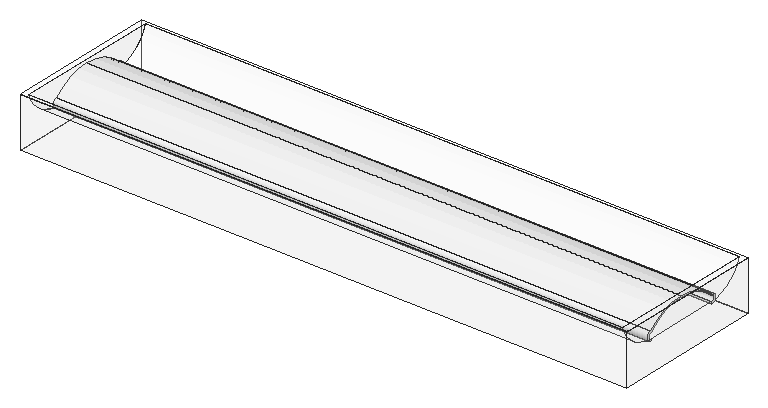
Revit family "LCAT-G", category Lighting Fixtures, host Face, Revit 2021
Family settings
  Host = Face
  Round Connector Dimension = Use Diameter
  Part Type = Normal
  OmniClass Number = 23.80.70.11
  OmniClass Title = Luminaries for Internal Lighting
  Cut with Voids When Loaded = No
  Light Source = No
  Shared = No
  Room Calculation Point = No
Parameters (values of type "LCAT-G-14")
  zz Length = Row Length - 1"  # 47"
  Width = 12"
  Warranty = "Five-year warranty"  # constant formula
  Voltage = 120 V
  Wattage Comments = "40-80 W"  # constant formula
  URL = "https://www.currentlighting.com/columbia"
  Product Page URL = ""
  Product Documentation Link = ""
  Photometric Web = Web LCAT : LCAT14-30MLG-EDU
  Model = "LCAT-G"  # constant formula
  Manufacturer = "Columbia Lighting"  # constant formula
  Row Length = 48"
  Load Classification = Lighting
  Lamp = "LED lamp"  # constant formula
  Light Bulb = White
  Description = "LCAT provides both design and value with an architectural appearance, LED technology to reduce maintenance and a wide range of options for classrooms, offices, retail and health care applications"  # constant formula
  Default Elevation = 48"
  Backbox = White Glass
  Apparent Load = 0 VA
Types (4): name | zz Length | Width | Photometric Web | Row Length | Load Classification | Light Bulb | Backbox
  (no name) | 47" | 12" | Web LCAT : LCAT14-30MLG-EDU | 48" | Lighting | White | White Glass
  LCAT-G-14 | 47" | 12" | Web LCAT : LCAT14-30MLG-EDU | 48" | Lighting | White | White Glass
  LCAT-G-22 | 23" | 23 3/4" | Web LCAT : LCAT22-40VLG-EDU | 24" | Other | White Glass | White
  LCAT-G-24 | 47" | 25" | Web LCAT : LCAT24-40XLG-EDU | 48" | Other | White Glass | White
Reference planes (in)
  plane 1 "Center (Front/Back)": y = 0.03999
  plane 2: z = 0
  plane 3 "Center (Left/Right)": x = 1.66944
  plane 4: x = -22.33056
  plane 5: x = 25.66944
  plane 6: z = -4
  plane 7: y = -5.96001
  plane 8: y = 6.03999
  plane 9: z = 0.125
Forms (in)
  Extrusion 1, void
    sketch origin (0, 0.03999, 0) x (1, 0, 0) y (0, 0, 1)
      loop
        line (-22.33056, 0) -> (-22.33056, -4) -> (25.66944, -4) -> (25.66944, 0) -> (-22.33056, 0)
    from -6 to 6
Dimensions and locks (in)
  equal spacing: plane 5, plane 3 "Center (Left/Right)", plane 4
  "Row Length": plane 5 to plane 4
  equal spacing: plane 7, plane 1 "Center (Front/Back)", plane 8
  "Width": plane 7 to plane 8
  plane 9 to plane 2 = 1/8"
  aligned and locked: plane 2 to host face
  aligned and locked: level to host face
  aligned and locked: Extrusion 1 sketch curve to level
  aligned and locked: plane 4 to Extrusion 1 sketch curve
  aligned and locked: Extrusion 1 sketch curve to plane 5
  aligned and locked: plane 6 to Extrusion 1 sketch curve
  aligned and locked: Extrusion 1 to plane 8
  aligned and locked: plane 3 "Center (Left/Right)" to nested 1
  aligned and locked: plane 1 "Center (Front/Back)" to nested 1
  aligned and locked: Extrusion 1 to plane 7
  aligned and locked: plane 3 "Center (Left/Right)" to nested 2
Automatic sketch dimensions
  host sketch curve to host sketch curve = 96"  (x2)
Nested families (in)
  nested 1: "LED Contemporary Architectural Troffer" at (1.66944, 0.03999, -4), Glass <- "Light Bulb", Finish <- "Backbox", Width <- "Width", Row Length <- "Row Length", type "LED Contemporary Architectural Troffer"
    with Width 12", Row Length 48", Height 4", Glass White, Finish White Glass
  nested 2: "Web LCAT" at (1.70943, 0.27895, 0.12811) x (0, 1, 0) z (0, 0, 1), type <- "Photometric Web", type "LCAT14-30MLG-EDU"
Connectors (in)
  electrical at (1.66944, 0.03999, -4), driven by "Voltage", driven by "Description", driven by "Load Classification"
    settings: on nested 1, index 1, voltage 120 V, apparent load 0 VA, apparent load phase1 0 VA, apparent load phase2 0 VA, apparent load phase3 0 VA, power factor 1, load classification "Lighting", number of poles 1, system type 30, power factor state 1, is connector primary yes, connector utility no, sub classification motor no, connector description "LCAT provides both design and value with an architectural appearance, LED technology to reduce maintenance and a wide range of options for classrooms, offices, retail and health care applications"
Definition of nested family "LED Contemporary Architectural Troffer"
  Parameters
    Width [instance] = 24"
    Row Length [instance] = 24"
    Height [instance] = 4"
    Glass [instance] = none
    Finish [instance] = none
    Default Elevation = 48"
  Reference planes (in)
    plane 1 "Center (Front/Back)": y = 0
    plane 2: z = 0
    plane 3 "Center (Left/Right)": x = 0
    plane 4: x = 12
    plane 5: x = -12
    plane 6: y = -12
    plane 7: y = 12
    plane 8: z = 4
    plane 9: x = -11.5
    plane 10: x = 11.5
    plane 11: y = -3
    plane 12: y = 3
    plane 13: z = 2
    plane 14: y = -11.75
    plane 15: y = 11.75
    plane 16: z = 0.25
  Forms (in)
    Extrusion 1, solid
      sketch origin (0, 0, 0) x (1, 0, 0) y (0, 1, 0)
        loop
          line (-48, 48) -> (-48, -48) -> (48, -48) -> (48, 48) -> (-48, 48)
      from 0 to -12
    Extrusion 2, solid, material <- "Glass"
      sketch origin (0, 0, 0) x (0, 1, 0) y (0, 0, 1)
        loop
          arc (-3.0054, 2) -> (-3.2554, 2.25) -> (-3.0054, 2.5) r 0.25
          arc (-3.0054, 2.5) -> (-1.62233, 3.40315) -> (0, 3.71395) r 4.27102
          arc (0, 3.71395) -> (1.62233, 3.40315) -> (3.0054, 2.5) r 4.27102
          arc (3.0054, 2.5) -> (3.2554, 2.25) -> (3.0054, 2) r 0.25
          line (3.0054, 2) -> (3.0054, 1.89823)
          arc (3.0054, 1.89823) -> (3.35619, 2.24902) -> (3.0054, 2.59982) r 0.35079
          arc (3.0054, 2.59982) -> (1.6184, 3.48995) -> (0, 3.80122) r 4.35698
          arc (0, 3.80122) -> (-1.6184, 3.48995) -> (-3.0054, 2.59982) r 4.35698
          arc (-3.0054, 2.59982) -> (-3.35619, 2.24902) -> (-3.0054, 1.89823) r 0.35079
          line (-3.0054, 1.89823) -> (-3.0054, 2)
      from -11.5 to 11.5
    Extrusion 3, solid, material <- "Finish"
      sketch origin (0, 0, 0) x (0, 1, 0) y (0, 0, 1)
        loop
          line (-12, 4) -> (-12, 0) -> (12, 0) -> (12, 4) -> (-12, 4)
      from 11.5 to 12
    Extrusion 4, solid, material <- "Finish"
      sketch origin (0, 0, 0) x (0, 1, 0) y (0, 0, 1)
        loop
          line (12, 4) -> (-12, 4) -> (-12, 0) -> (12, 0) -> (12, 4)
      from -12 to -11.5
    Extrusion 5, solid, material <- "Finish"
      sketch origin (0, 0, 0) x (0, 1, 0) y (0, 0, 1)
        loop
          line (-12, 0) -> (12, 0) -> (12, 4) -> (11.75, 4) -> (11.75, 0.25) -> (-11.75, 0.25) -> (-11.75, 4) -> (-12, 4) -> (-12, 0)
      from -11.5 to 11.5
    Extrusion 6, solid, material <- "Finish"
      sketch origin (0, 0, 0) x (0, 1, 0) y (0, 0, 1)
        loop
          arc (-3, 2) -> (-7.48783, 2.50637) -> (-11.75, 4) r 20.14062
          line (-11.75, 4) -> (-11.75, 0.25) -> (11.75, 0.25) -> (11.75, 4)
          arc (11.75, 4) -> (7.48783, 2.50637) -> (3, 2) r 20.14062
          line (3, 2) -> (-3, 2)
      from -12 to 12
  Cuts and joins
    joined: Extrusion 3, Extrusion 4, Extrusion 5, Extrusion 6
  Dimensions and locks (in)
    equal spacing: plane 4, plane 3 "Center (Left/Right)", plane 5
    "Row Length": plane 4 to plane 5
    equal spacing: plane 6, plane 1 "Center (Front/Back)", plane 7
    "Width": plane 6 to plane 7
    "Height": plane 8 to plane 2
    equal spacing: plane 10, plane 3 "Center (Left/Right)", plane 9
    locked: plane 9 to plane 5 at 0.5
    equal spacing: plane 11, plane 1 "Center (Front/Back)", plane 12
    locked: plane 11 to plane 1 "Center (Front/Back)" at 3
    locked: plane 6 to plane 14 at 0.25
    equal spacing: plane 14, plane 1 "Center (Front/Back)", plane 15
    locked: plane 16 to level at 0.25
    level to Extrusion 5 = 4"
    aligned and locked: plane 2 to Extrusion 1
    aligned and locked: level to Extrusion 1
    aligned and locked: Extrusion 2 to plane 10
    aligned and locked: Extrusion 2 to plane 9
    aligned and locked: plane 8 to Extrusion 3 sketch curve
    aligned and locked: plane 6 to Extrusion 3 sketch curve
    aligned and locked: level to Extrusion 3 sketch curve
    aligned and locked: Extrusion 3 sketch curve to plane 7
    aligned and locked: plane 4 to Extrusion 3
    aligned and locked: plane 10 to Extrusion 3
    aligned and locked: Extrusion 4 sketch curve to Extrusion 3  (x4)
    aligned and locked: Extrusion 4 to plane 5
    aligned and locked: plane 9 to Extrusion 4
    aligned and locked: Extrusion 5 sketch curve to Extrusion 3  (x4)
    aligned and locked: plane 8 to Extrusion 5 sketch curve
    aligned and locked: Extrusion 5 sketch curve to plane 14
    aligned and locked: plane 16 to Extrusion 5 sketch curve
    aligned and locked: Extrusion 5 sketch curve to plane 15
    aligned and locked: Extrusion 5 to plane 10
    aligned and locked: Extrusion 5 to plane 9
    aligned and locked: plane 13 to Extrusion 6 sketch curve
    aligned and locked: plane 12 to Extrusion 6 sketch curve
    aligned and locked: plane 11 to Extrusion 6 sketch curve
    aligned and locked: Extrusion 6 sketch curve to plane 14
    aligned and locked: plane 16 to Extrusion 6 sketch curve
    aligned and locked: Extrusion 6 sketch curve to plane 15
    aligned and locked: plane 4 to Extrusion 6
    aligned and locked: Extrusion 6 to plane 5
  Automatic sketch dimensions
    Extrusion 1 sketch curve to Extrusion 1 sketch curve = 96"  (x2)
    plane 13 to Extrusion 2 sketch curve = 0"  (x2)
    Extrusion 2 sketch curve to plane 1 "Center (Front/Back)" = 0"  (x2)
    plane 1 "Center (Front/Back)" to Extrusion 2 sketch curve = 0.00113"
    Extrusion 2 sketch curve to Extrusion 2 sketch curve = 0.0216"  (x2)
    Extrusion 2 sketch curve to plane 11 = 0.0054"
    Extrusion 2 sketch curve to plane 1 "Center (Front/Back)" = 0.00113"
    Extrusion 2 sketch curve to plane 12 = 0.0054"
    plane 13 to Extrusion 2 sketch curve = 0.10177"  (x2)
    Extrusion 2 sketch curve to level = 0.55575"
    Extrusion 2 sketch curve to Extrusion 2 sketch curve = 0"
    Extrusion 2 sketch curve to Extrusion 2 sketch curve = 0.00126"  (x2)
    Extrusion 2 sketch curve to Extrusion 2 sketch curve = 0.24902"
    Extrusion 2 sketch curve to Extrusion 2 sketch curve = 0.00098"
    plane 8 to Extrusion 6 sketch curve = 0"  (x2)
Definition of nested family "Web LCAT"
  Parameters
    Wattage Comments = ""
    Wattage = 80 W
    built-in parameter 1150110 = 1 (stored number, unit not read)
    URL = ""
    built-in parameter 1114217 = 1 (stored number, unit not read)
    Tilt Angle = 90.00°
    built-in parameter 1150109 = 1 (stored number, unit not read)
    built-in parameter 1150134 = 2
    built-in parameter 1150113 = 1 (stored number, unit not read)
    Product Page URL = ""
    Product Documentation Link = ""
    Photometric Web File = "LCAT24-50XLG-EDU.ies"
    Model = ""
    Manufacturer Phone = ""
    Manufacturer Fax = ""
    Manufacturer = ""
    built-in parameter 1150105 = 585.69 (stored number, unit not read)
    Lumens = 7360 lm
    built-in parameter 1150115 = 1 (stored number, unit not read)
    built-in parameter 1150137 = (empty or 0)
    built-in parameter 1150139 = (empty or 0)
    built-in parameter 1150112 = 1 (stored number, unit not read)
    built-in parameter 1150114 = 1 (stored number, unit not read)
    Lamp = ""
    built-in parameter 1150132 = (empty or 0)
    built-in parameter 1150102 = (empty or 0)
    built-in parameter 1150107 = 5000 (stored number, unit not read)
    built-in parameter 1150138 = (empty or 0)
    built-in parameter 1150106 = 5.8569 (stored number, unit not read)
    Emit from Rectangle Width = 6"
    Emit from Rectangle Length = 47"
    Emit Shape Visible in Rendering = no
    built-in parameter 1150104 = 8.5471 (stored number, unit not read)
    Dimming Lamp Color Temperature Shift = (empty or 0)
    Description = ""
    Default Elevation = 48"
    Color Filter = 16777215
    built-in parameter 1114218 = 1 (stored number, unit not read)
    built-in parameter 1150133 = 10 (stored number, unit not read)
  Reference planes (in)
    plane 1 "Center (Front/Back)": y = 0.03999
    plane 2: z = 0
    plane 3 "Center (Left/Right)": x = -0.23896
  Forms (in)
    Extrusion 1, solid
      sketch origin (0, 0, 0.06357) x (1, 0, 0) y (0, 1, 0)
        loop
          line (-48, 48) -> (-48, -48) -> (48, -48) -> (48, 48) -> (-48, 48)
      from -0.06357 to -17.74365
  Lines and regions (in)
    reference lines
      curve 1: line (-0.23896, 0.03999, 18.11448) -> (-0.23896, 0.03999, -22.88552)
      curve 2: line (-0.23896, 0.03999, 34) -> (-0.23896, 0.03999, -22.88552)
  Dimensions and locks (in)
    aligned and locked: plane 2 to Extrusion 1
    aligned and locked: level to Extrusion 1
    aligned and locked: curve 1 to plane 3 "Center (Left/Right)"
    aligned and locked: plane 1 "Center (Front/Back)" to curve 2
    aligned and locked: imposter light to plane 1 "Center (Front/Back)"
    aligned and locked: imposter light to level
    aligned and locked: plane 3 "Center (Left/Right)" to imposter light
